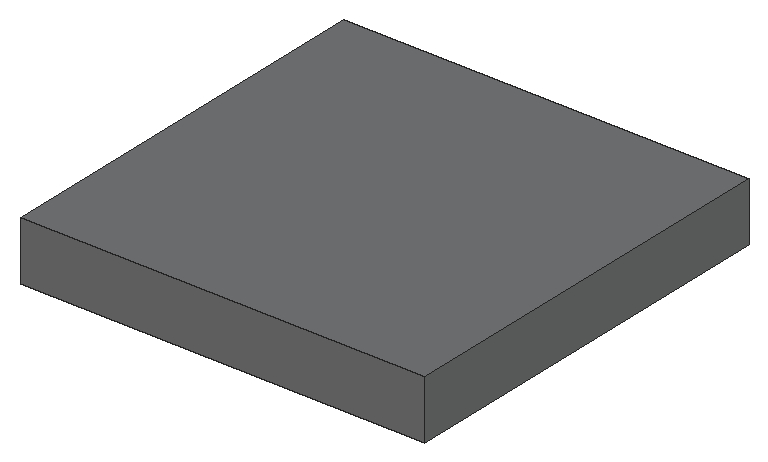
Revit family "Gira_086928", category Electrical Fixtures, host Face, Revit 2017
Family settings
  Host = Face
  Maintain Annotation Orientation = No
  Round Connector Dimension = Use Diameter
  Part Type = Normal
  Cut with Voids When Loaded = No
  Shared = No
  Room Calculation Point = No
Parameters (values of type "Cov. coax.antenna sock. System 55 anthra.")
  URL = "http://katalog.gira.de/en/datenblatt.html?artikelnr=086928"
  Transparent = "No"
  Name = "Cov. coax.antenna sock. System 55 anthra."
  Manufacturer URL = "https://www.gira.de/"
  Manufacturer = "Gira"
  Keynote = ""
  HeinzeBIM = "https://bimportal.heinze.de/bim/cov-coax-antenna-sock-system-55-anthra-/1ce6873aede3b45de4fe0738fb75fbf17dc7cbde"
  HAN = "086928"
  GTIN = "4010337869283"
  Description = "Cov.coax Sys55 AN,Cover for coaxial antenna socket,,anthracite,Features:,- Third hole can be broken out.,,Notes :,- For screw mounting only."
  Default Elevation = 1219.2 mm
  Data sheet (1) = "https://katalog.gira.de/en/download.html?artikelnr=086928"
  Category = "Insert/cover for communication technology"
  BIM (1) = "https://media.stage.bim.site/public/gira/36a6b08/Sys55_Abdeckung_Schalten und Tasten.rfa?public/gira/36a6b08/Sys55_Abdeckung_Schalten und Tasten.rfa"
  Available = "No"
  Anthrazit [instance] = Anthrazit
Reference planes
  plane 1 "Center (Front/Back)": y = 0
  plane 2: z = 0
  plane 3 "Center (Left/Right)": x = 0
Forms (mm)
  Extrusion 1, solid, material "Anthrazit" <- "Anthrazit", detail levels fine
    sketch origin (0, 0, 0) x (1, 0, 0) y (0, 1, 0)
      loop
        line (-27.5, 27.5) -> (-27.5, -27.5) -> (27.5, -27.5) -> (27.5, 27.5) -> (-27.5, 27.5)
    from 0 to 8
  Extrusion 2, void
    sketch origin (0, 0, 0) x (1, 0, 0) y (0, 1, 0)
      loop
        line (26, 26) -> (-26, 26) -> (-26, -26) -> (26, -26) -> (26, 26)
    from 0 to 6
  Extrusion 3, solid, material "Anthrazit" <- "Anthrazit", detail levels medium
    sketch origin (0, 0, 0) x (1, 0, 0) y (0, 1, 0)
      loop
        line (-27.5, 27.5) -> (-27.5, -27.5) -> (27.5, -27.5) -> (27.5, 27.5) -> (-27.5, 27.5)
    from 0 to 8
  Extrusion 4, solid, material "Anthrazit" <- "Anthrazit", detail levels medium
    sketch origin (0, 0, 0) x (1, 0, 0) y (0, 1, 0)
      loop
        line (11, -17.5) -> (11, 17.5) -> (-11, 17.5) -> (-11, -17.5) -> (11, -17.5)
    from -6 to 6
  Extrusion 5, solid, material "Anthrazit" <- "Anthrazit", detail levels fine
    sketch origin (0, 0, 0) x (1, 0, 0) y (0, 1, 0)
      loop
        line (11, 17.5) -> (-11, 17.5) -> (-11, 16.5) -> (11, 16.5) -> (11, 17.5)
      loop
        line (-11, -16.5) -> (-11, -17.5) -> (11, -17.5) -> (11, -16.5) -> (-11, -16.5)
    from -4 to 6
  Extrusion 6, solid, material "Anthrazit" <- "Anthrazit", detail levels fine
    sketch origin (0, 0, 0) x (1, 0, 0) y (0, 1, 0)
      loop
        arc (5, 9.347) -> (0, 10.6) -> (-5, 9.347) r 10.6
        line (-5, 9.347) -> (-5, -9.347)
        arc (-5, -9.347) -> (0, -10.6) -> (5, -9.347) r 10.6
        line (5, -9.347) -> (5, 9.347)
    from -6 to 6
  Extrusion 7, solid, material "Anthrazit" <- "Anthrazit", detail levels coarse
    sketch origin (0, 0, 0) x (1, 0, 0) y (0, 1, 0)
      loop
        line (-27.5, 27.5) -> (-27.5, -27.5) -> (27.5, -27.5) -> (27.5, 27.5) -> (-27.5, 27.5)
    from -6 to 8
Cuts and joins
  Extrusion 2 cuts Extrusion 1
Dimensions and locks
  aligned and locked: plane 2 to host face
  aligned and locked: level to host face
